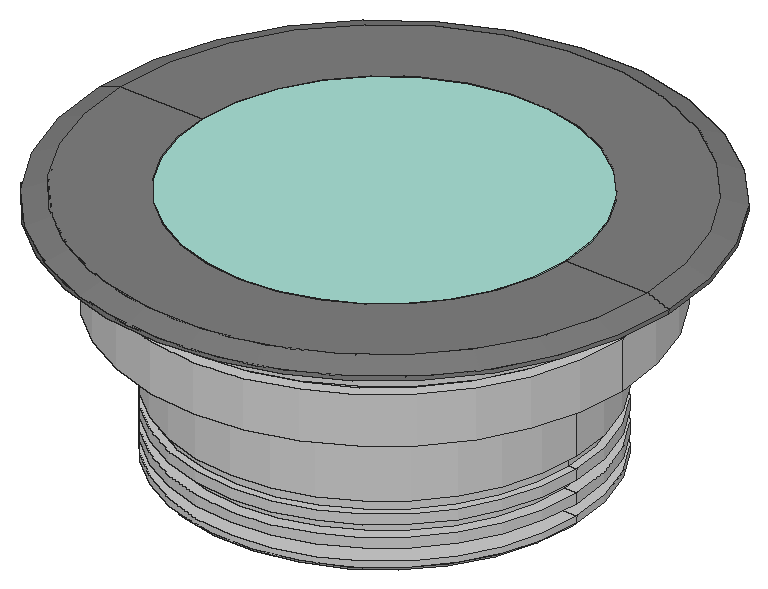
Revit family "Bright 5.F", category Lighting Fixtures, host Face, Revit 2017 (continued)
Types (16, lengths in mm): name | Wattage | Power | Photometric Web File | Optics | built-in parameter 1150142 | built-in parameter 1150105 | Lumens | built-in parameter 1150106 | Apparent Load Phase 1
    5 1151.50 \r\n1048.51 959.93 878.73 806.25 734.62 673.48 620.46 569.54 \r\n519.99 477.15 432.87 391.71 351.52 311.22 274.69 241.96 \r\n212.71 187.69 166.39 148.65 133.72 119.83 108.57 98.53 \r\n89.77 82.05 74.76 68.36 62.56 57.16 52.28 47.92 43.87 \r\n40.29 36.98 34.07 31.38 28.89 26.65 24.56 22.53 20.71 \r\n19.04 17.35 15.91 14.43 13.14 11.88 10.67 9.49 8.47 7.48 \r\n6.60 5.71 4.93 4.21 3.52 2.92 2.36 1.87 1.45 1.07 0.75 \r\n0.50 0.32 0.20 0.13 0.08 0.03 0.00 0.00 0.00 0.00 0.00 \r\n0.00 0.00 0.00 0.00 0.00 0.00 0.00 0.00 0.00 0.00 0.00 \r\n0.00 0.00 0.00 0.00 0.00 0.00 0.00 0.00 0.00 0.00 0.00 \r\n0.00 0.00 0.00 0.00 0.00 0.00 0.00 0.00 0.00 0.00 0.00 \r\n0.00 0.00 0.00 0.00 0.00 0.00 0.00 0.00 0.00 0.00 0.00 \r\n0.00 0.00 0.00 0.00 0.00 0.00 0.00 0.00 0.00 0.00 0.00 \r\n0.00 0.00 0.00 0.00 0.00 0.00 0.00 0.00 0.00 0.00 0.00 \r\n0.00 0.00 0.00 0.00 0.00 0.00 0.00 0.00 0.00 0.00 0.00 \r\n0.00 0.00 0.00 0.00 0.00 0.00 0.00 0.00 0.00 \r\n4408.84 4365.16 4265.19 4115.26 3898.68 3669.80 3419.53 \r\n3157.56 2888.05 2632.27 2385.62 2166.40 1925.27 1730.85 \r\n1551.99 1379.64 1229.02 1089.64 963.32 859.54 758.57 \r\n675.98 604.20 539.98 486.33 437.80 398.78 363.51 331.69 \r\n302.43 278.34 254.51 233.32 214.95 195.50 179.04 163.52 \r\n149.30 137.33 125.23 115.46 105.92 96.91 89.18 81.87 \r\n75.40 69.32 63.39 58.33 53.56 49.12 45.19 41.74 38.35 \r\n35.47 32.63 30.25 27.91 25.90 23.90 22.03 20.30 18.73 \r\n17.16 15.77 14.45 13.14 11.95 10.78 9.70 8.68 7.76 6.82 \r\n6.02 5.24 4.50 3.87 3.24 2.69 2.18 1.73 1.33 0.99 0.70 \r\n0.48 0.30 0.19 0.12 0.08 0.03 0.00 0.00 0.00 0.00 0.00 \r\n0.00 0.00 0.00 0.00 0.00 0.00 0.00 0.00 0.00 0.00 0.00 \r\n0.00 0.00 0.00 0.00 0.00 0.00 0.00 0.00 0.00 0.00 0.00 \r\n0.00 0.00 0.00 0.00 0.00 0.00 0.00 0.00 0.00 0.00 0.00 \r\n0.00 0.00 0.00 0.00 0.00 0.00 0.00 0.00 0.00 0.00 0.00 \r\n0.00 0.00 0.00 0.00 0.00 0.00 0.00 0.00 0.00 0.00 0.00 \r\n0.00 0.00 0.00 0.00 0.00 0.00 0.00 0.00 0.00 0.00 0.00 \r\n0.00 0.00 0.00 0.00 0.00 0.00 0.00 0.00 0.00 0.00 0.00 \r\n0.00 0.00 0.00 0.00 0.00 0.00 0.00 0.00 0.00 \r\n4408.84 4365.53 4242.92 4069.07 3821.67 3562.33 3247.69 \r\n2955.72 2642.30 2358.11 2077.51 1825.27 1577.26 1384.65 \r\n1195.05 1034.31 897.48 774.10 674.81 584.44 513.37 449.75 \r\n402.35 358.47 324.28 293.23 268.72 247.03 227.92 211.04 \r\n196.04 182.24 169.45 157.58 145.83 135.88 125.75 116.74 \r\n108.08 100.39 92.80 85.96 79.14 73.20 67.63 62.30 57.53 \r\n53.15 49.28 45.37 41.99 38.84 36.00 33.21 30.98 28.75 \r\n26.74 24.79 23.00 21.27 19.70 18.23 16.79 15.50 14.22 \r\n13.04 11.86 10.85 9.79 8.86 7.90 7.09 6.27 5.51 4.81 4.16 \r\n3.58 2.99 2.50 2.02 1.61 1.25 0.92 0.65 0.44 0.28 0.18 \r\n0.11 0.08 0.03 0.00 0.00 0.00 0.00 0.00 0.00 0.00 0.00 \r\n0.00 0.00 0.00 0.00 0.00 0.00 0.00 0.00 0.00 0.00 0.00 \r\n0.00 0.00 0.00 0.00 0.00 0.00 0.00 0.00 0.00 0.00 0.00 \r\n0.00 0.00 0.00 0.00 0.00 0.00 0.00 0.00 0.00 0.00 0.00 \r\n0.00 0.00 0.00 0.00 0.00 0.00 0.00 0.00 0.00 0.00 0.00 \r\n0.00 0.00 0.00 0.00 0.00 0.00 0.00 0.00 0.00 0.00 0.00 \r\n0.00 0.00 0.00 0.00 0.00 0.00 0.00 0.00 0.00 0.00 0.00 \r\n0.00 0.00 0.00 0.00 0.00 0.00 0.00 0.00 0.00 0.00 0.00 \r\n0.00 0.00 0.00 0.00 0.00 0.00 \r\n4408.84 4356.10 4219.91 4009.83 3734.45 3426.08 3087.95 \r\n2751.43 2398.69 2091.06 1793.14 1522.15 1289.39 1089.43 \r\n915.41 776.20 658.16 558.83 482.01 416.50 367.61 324.70 \r\n290.82 263.53 241.01 219.93 203.71 188.91 175.83 163.71 \r\n152.52 143.04 133.18 124.33 115.60 107.77 100.43 93.42 \r\n86.64 80.54 74.83 69.43 64.13 59.60 55.32 51.21 47.56 \r\n44.26 41.24 38.38 35.83 33.31 31.13 28.89 27.03 25.20 \r\n23.53 21.92 20.41 18.94 17.60 16.21 15.04 13.90 12.74 \r\n11.72 10.71 9.77 8.90 8.04 7.20 6.43 5.70 5.05 4.40 3.84 \r\n3.28 2.76 2.29 1.86 1.49 1.13 0.86 0.60 0.41 0.27 0.17 \r\n0.11 0.07 0.03 0.00 0.00 0.00 0.00 0.00 0.00 0.00 0.00 \r\n0.00 0.00 0.00 0.00 0.00 0.00 0.00 0.00 0.00 0.00 0.00 \r\n0.00 0.00 0.00 0.00 0.00 0.00 0.00 0.00 0.00 0.00 0.00 \r\n0.00 0.00 0.00 0.00 0.00 0.00 0.00 0.00 0.00 0.00 0.00 \r\n0.00 0.00 0.00 0.00 0.00 0.00 0.00 0.00 0.00 0.00 0.00 \r\n0.00 0.00 0.00 0.00 0.00 0.00 0.00 0.00 0.00 0.00 0.00 \r\n0.00 0.00 0.00 0.00 0.00 0.00 0.00 0.00 0.00 0.00 0.00 \r\n0.00 0.00 0.00 0.00 0.00 0.00 0.00 0.00 0.00 0.00 0.00 \r\n0.00 0.00 0.00 0.00 0.00 0.00 \r\n4408.84 4341.72 4189.29 3954.85 3635.12 3288.67 2911.93 \r\n2539.19 2180.96 1836.13 1537.36 1287.61 1032.12 862.63 \r\n717.36 594.08 500.64 424.85 364.47 321.01 284.60 254.50 \r\n231.20 210.77 193.74 178.58 165.33 154.23 143.02 133.17 \r\n124.52 115.45 107.80 100.59 93.41 87.08 80.82 75.18 69.83 \r\n64.95 60.83 56.57 52.67 49.22 45.85 42.94 40.21 37.62 \r\n35.25 33.02 30.91 28.95 27.15 25.38 23.79 22.21 20.77 \r\n19.41 18.09 16.87 15.67 14.54 13.46 12.43 11.42 10.53 \r\n9.65 8.82 8.02 7.25 6.53 5.88 5.22 4.63 4.05 3.50 3.01 \r\n2.55 2.12 1.71 1.37 1.05 0.79 0.56 0.39 0.26 0.16 0.11 \r\n0.07 0.03 0.00 0.00 0.00 0.00 0.00 0.00 0.00 0.00 0.00 \r\n0.00 0.00 0.00 0.00 0.00 0.00 0.00 0.00 0.00 0.00 0.00 \r\n0.00 0.00 0.00 0.00 0.00 0.00 0.00 0.00 0.00 0.00 0.00 \r\n0.00 0.00 0.00 0.00 0.00 0.00 0.00 0.00 0.00 0.00 0.00 \r\n0.00 0.00 0.00 0.00 0.00 0.00 0.00 0.00 0.00 0.00 0.00 \r\n0.00 0.00 0.00 0.00 0.00 0.00 0.00 0.00 0.00 0.00 0.00 \r\n0.00 0.00 0.00 0.00 0.00 0.00 0.00 0.00 0.00 0.00 0.00 \r\n0.00 0.00 0.00 0.00 0.00 0.00 0.00 0.00 0.00 0.00 0.00 \r\n0.00 0.00 0.00 0.00 0.00 \r\n4408.84 4341.85 4160.70 3892.27 3548.93 3165.44 2742.79 \r\n2351.21 1951.46 1624.03 1324.57 1061.32 859.75 689.50 \r\n566.96 471.63 397.91 338.54 296.54 261.55 234.74 212.03 \r\n193.28 177.10 163.44 149.81 139.00 128.71 119.18 110.29 \r\n102.15 95.06 87.94 81.86 75.97 70.81 65.78 61.35 57.34 \r\n53.70 50.25 47.17 44.23 41.53 39.04 36.72 34.45 32.46 \r\n30.49 28.63 26.96 25.29 23.78 22.31 20.91 19.60 18.38 \r\n17.15 16.08 14.96 13.96 12.90 11.98 11.12 10.22 9.43 8.67 \r\n7.93 7.24 6.54 5.90 5.32 4.72 4.19 3.67 3.20 2.75 2.33 \r\n1.93 1.58 1.24 0.97 0.74 0.53 0.37 0.25 0.16 0.10 0.07 \r\n0.03 0.00 0.00 0.00 0.00 0.00 0.00 0.00 0.00 0.00 0.00 \r\n0.00 0.00 0.00 0.00 0.00 0.00 0.00 0.00 0.00 0.00 0.00 \r\n0.00 0.00 0.00 0.00 0.00 0.00 0.00 0.00 0.00 0.00 0.00 \r\n0.00 0.00 0.00 0.00 0.00 0.00 0.00 0.00 0.00 0.00 0.00 \r\n0.00 0.00 0.00 0.00 0.00 0.00 0.00 0.00 0.00 0.00 0.00 \r\n0.00 0.00 0.00 0.00 0.00 0.00 0.00 0.00 0.00 0.00 0.00 \r\n0.00 0.00 0.00 0.00 0.00 0.00 0.00 0.00 0.00 0.00 0.00 \r\n0.00 0.00 0.00 0.00 0.00 0.00 0.00 0.00 0.00 0.00 0.00 \r\n0.00 0.00 0.00 0.00 \r\n4408.84 4326.97 4135.36 3834.72 3457.16 3042.91 2600.55 \r\n2179.08 1773.40 1433.91 1142.26 907.01 708.10 573.14 \r\n467.88 389.75 331.52 286.94 252.10 225.53 202.84 183.87 \r\n168.37 154.18 141.46 129.38 119.38 109.80 101.19 93.16 \r\n86.08 79.47 73.80 68.21 63.51 59.31 55.29 51.78 48.64 \r\n45.75 42.98 40.33 38.02 35.79 33.68 31.75 29.93 28.24 \r\n26.58 25.05 23.60 22.20 20.89 19.63 18.40 17.29 16.22 \r\n15.19 14.20 13.24 12.35 11.45 10.63 9.86 9.10 8.40 7.73 \r\n7.10 6.48 5.88 5.30 4.79 4.26 3.79 3.33 2.90 2.50 2.13 \r\n1.77 1.45 1.15 0.90 0.68 0.49 0.35 0.23 0.15 0.10 0.07 \r\n0.03 0.00 0.00 0.00 0.00 0.00 0.00 0.00 0.00 0.00 0.00 \r\n0.00 0.00 0.00 0.00 0.00 0.00 0.00 0.00 0.00 0.00 0.00 \r\n0.00 0.00 0.00 0.00 0.00 0.00 0.00 0.00 0.00 0.00 0.00 \r\n0.00 0.00 0.00 0.00 0.00 0.00 0.00 0.00 0.00 0.00 0.00 \r\n0.00 0.00 0.00 0.00 0.00 0.00 0.00 0.00 0.00 0.00 0.00 \r\n0.00 0.00 0.00 0.00 0.00 0.00 0.00 0.00 0.00 0.00 0.00 \r\n0.00 0.00 0.00 0.00 0.00 0.00 0.00 0.00 0.00 0.00 0.00 \r\n0.00 0.00 0.00 0.00 0.00 0.00 0.00 0.00 0.00 0.00 0.00 \r\n0.00 0.00 0.00 0.00 \r\n4408.84 4321.87 4109.05 3779.22 3369.11 2920.03 2461.24 \r\n2023.81 1618.24 1270.81 992.01 775.62 607.75 489.07 \r\n397.16 335.02 287.30 250.19 222.82 198.96 180.33 163.57 \r\n149.07 136.06 124.48 113.42 103.54 94.89 87.07 80.13 \r\n73.56 68.25 63.10 58.78 54.57 51.02 47.73 44.77 41.96 \r\n39.50 37.16 35.00 32.88 31.02 29.25 27.53 25.97 24.46 \r\n23.10 21.69 20.45 19.22 18.11 16.94 15.90 14.94 14.02 \r\n13.12 12.24 11.46 10.64 9.95 9.23 8.57 7.92 7.34 6.72 \r\n6.20 5.65 5.14 4.64 4.20 3.76 3.34 2.94 2.59 2.23 1.89 \r\n1.59 1.29 1.05 0.81 0.62 0.45 0.31 0.21 0.14 0.10 0.07 \r\n0.03 0.00 0.00 0.00 0.00 0.00 0.00 0.00 0.00 0.00 0.00 \r\n0.00 0.00 0.00 0.00 0.00 0.00 0.00 0.00 0.00 0.00 0.00 \r\n0.00 0.00 0.00 0.00 0.00 0.00 0.00 0.00 0.00 0.00 0.00 \r\n0.00 0.00 0.00 0.00 0.00 0.00 0.00 0.00 0.00 0.00 0.00 \r\n0.00 0.00 0.00 0.00 0.00 0.00 0.00 0.00 0.00 0.00 0.00 \r\n0.00 0.00 0.00 0.00 0.00 0.00 0.00 0.00 0.00 0.00 0.00 \r\n0.00 0.00 0.00 0.00 0.00 0.00 0.00 0.00 0.00 0.00 0.00 \r\n0.00 0.00 0.00 0.00 0.00 0.00 0.00 0.00 0.00 0.00 0.00 \r\n0.00 0.00 0.00 0.00 \r\n4408.84 4310.92 4075.98 3721.59 3282.67 2830.81 2330.32 \r\n1890.31 1479.34 1157.40 876.61 684.50 529.66 428.74 \r\n353.12 299.16 258.36 227.05 202.54 181.48 163.80 148.31 \r\n135.38 122.12 111.68 101.43 92.19 84.25 76.75 70.51 65.17 \r\n60.18 55.91 51.93 48.42 45.41 42.45 39.80 37.26 35.04 \r\n32.87 30.99 29.06 27.45 25.82 24.26 22.86 21.47 20.19 \r\n18.96 17.85 16.70 15.64 14.63 13.74 12.83 12.04 11.27 \r\n10.52 9.82 9.13 8.51 7.91 7.34 6.80 6.30 5.79 5.34 4.88 \r\n4.44 4.03 3.64 3.25 2.90 2.55 2.24 1.93 1.64 1.36 1.11 \r\n0.90 0.71 0.53 0.39 0.28 0.19 0.13 0.09 0.07 0.03 0.00 \r\n0.00 0.00 0.00 0.00 0.00 0.00 0.00 0.00 0.00 0.00 0.00 \r\n0.00 0.00 0.00 0.00 0.00 0.00 0.00 0.00 0.00 0.00 0.00 \r\n0.00 0.00 0.00 0.00 0.00 0.00 0.00 0.00 0.00 0.00 0.00 \r\n0.00 0.00 0.00 0.00 0.00 0.00 0.00 0.00 0.00 0.00 0.00 \r\n0.00 0.00 0.00 0.00 0.00 0.00 0.00 0.00 0.00 0.00 0.00 \r\n0.00 0.00 0.00 0.00 0.00 0.00 0.00 0.00 0.00 0.00 0.00 \r\n0.00 0.00 0.00 0.00 0.00 0.00 0.00 0.00 0.00 0.00 0.00 \r\n0.00 0.00 0.00 0.00 0.00 0.00 0.00 0.00 0.00 0.00 0.00 \r\n0.00 0.00 \r\n4408.84 4304.18 4056.51 3682.67 3223.18 2711.82 2231.85 \r\n1762.62 1368.27 1038.41 799.00 610.22 478.60 383.31 \r\n321.13 271.64 237.15 208.95 186.75 167.89 151.39 136.60 \r\n123.68 111.88 101.22 91.54 83.19 76.00 69.24 63.71 58.88 \r\n54.53 50.57 47.09 43.98 41.12 38.36 36.02 33.72 31.65 \r\n29.80 27.90 26.25 24.66 23.16 21.74 20.47 19.16 17.97 \r\n16.84 15.78 14.76 13.81 12.93 12.09 11.31 10.57 9.86 9.23 \r\n8.61 8.02 7.48 6.94 6.46 5.98 5.54 5.11 4.67 4.28 3.90 \r\n3.53 3.16 2.83 2.51 2.21 1.92 1.66 1.41 1.18 0.96 0.78 \r\n0.61 0.47 0.35 0.25 0.18 0.12 0.09 0.06 0.03 0.00 0.00 \r\n0.00 0.00 0.00 0.00 0.00 0.00 0.00 0.00 0.00 0.00 0.00 \r\n0.00 0.00 0.00 0.00 0.00 0.00 0.00 0.00 0.00 0.00 0.00 \r\n0.00 0.00 0.00 0.00 0.00 0.00 0.00 0.00 0.00 0.00 0.00 \r\n0.00 0.00 0.00 0.00 0.00 0.00 0.00 0.00 0.00 0.00 0.00 \r\n0.00 0.00 0.00 0.00 0.00 0.00 0.00 0.00 0.00 0.00 0.00 \r\n0.00 0.00 0.00 0.00 0.00 0.00 0.00 0.00 0.00 0.00 0.00 \r\n0.00 0.00 0.00 0.00 0.00 0.00 0.00 0.00 0.00 0.00 0.00 \r\n0.00 0.00 0.00 0.00 0.00 0.00 0.00 0.00 0.00 0.00 0.00 \r\n0.00 \r\n4408.84 4300.19 4027.57 3652.95 3143.58 2669.90 2141.57 \r\n1684.34 1293.91 976.80 733.81 570.92 436.99 355.59 297.42 \r\n254.12 223.27 196.75 176.59 158.18 141.89 127.50 115.42 \r\n103.66 94.00 84.64 76.92 70.31 64.04 58.88 54.59 50.39 \r\n46.76 43.61 40.57 38.15 35.47 33.40 31.27 29.36 27.61 \r\n25.89 24.30 22.84 21.38 20.07 18.87 17.60 16.55 15.47 \r\n14.51 13.55 12.67 11.82 11.07 10.29 9.65 9.03 8.42 7.88 \r\n7.33 6.82 6.36 5.90 5.45 5.03 4.61 4.24 3.85 3.49 3.13 \r\n2.81 2.51 2.21 1.94 1.69 1.46 1.24 1.04 0.86 0.70 0.55 \r\n0.43 0.32 0.24 0.17 0.12 0.09 0.06 0.03 0.00 0.00 0.00 \r\n0.00 0.00 0.00 0.00 0.00 0.00 0.00 0.00 0.00 0.00 0.00 \r\n0.00 0.00 0.00 0.00 0.00 0.00 0.00 0.00 0.00 0.00 0.00 \r\n0.00 0.00 0.00 0.00 0.00 0.00 0.00 0.00 0.00 0.00 0.00 \r\n0.00 0.00 0.00 0.00 0.00 0.00 0.00 0.00 0.00 0.00 0.00 \r\n0.00 0.00 0.00 0.00 0.00 0.00 0.00 0.00 0.00 0.00 0.00 \r\n0.00 0.00 0.00 0.00 0.00 0.00 0.00 0.00 0.00 0.00 0.00 \r\n0.00 0.00 0.00 0.00 0.00 0.00 0.00 0.00 0.00 0.00 0.00 \r\n0.00 0.00 0.00 0.00 0.00 0.00 0.00 0.00 0.00 0.00 0.00 \r\n4408.84 4299.33 4021.49 3608.66 3108.55 2593.05 2077.12 \r\n1622.81 1219.79 918.94 690.55 528.78 411.26 334.47 280.96 \r\n242.11 211.98 187.03 167.86 150.35 134.66 120.92 109.28 \r\n97.88 88.38 79.48 72.22 65.90 60.24 55.48 51.33 47.54 \r\n44.11 41.07 38.26 35.80 33.38 31.33 29.32 27.53 25.82 \r\n24.29 22.76 21.37 20.07 18.78 17.62 16.50 15.51 14.51 \r\n13.58 12.70 11.88 11.05 10.35 9.66 9.06 8.48 7.93 7.40 \r\n6.89 6.40 5.95 5.51 5.07 4.66 4.26 3.88 3.52 3.18 2.84 \r\n2.55 2.27 2.01 1.76 1.55 1.34 1.15 0.97 0.80 0.65 0.52 \r\n0.41 0.31 0.23 0.17 0.12 0.09 0.06 0.03 0.00 0.00 0.00 \r\n0.00 0.00 0.00 0.00 0.00 0.00 0.00 0.00 0.00 0.00 0.00 \r\n0.00 0.00 0.00 0.00 0.00 0.00 0.00 0.00 0.00 0.00 0.00 \r\n0.00 0.00 0.00 0.00 0.00 0.00 0.00 0.00 0.00 0.00 0.00 \r\n0.00 0.00 0.00 0.00 0.00 0.00 0.00 0.00 0.00 0.00 0.00 \r\n0.00 0.00 0.00 0.00 0.00 0.00 0.00 0.00 0.00 0.00 0.00 \r\n0.00 0.00 0.00 0.00 0.00 0.00 0.00 0.00 0.00 0.00 0.00 \r\n0.00 0.00 0.00 0.00 0.00 0.00 0.00 0.00 0.00 0.00 0.00 \r\n0.00 0.00 0.00 0.00 0.00 0.00 0.00 0.00 0.00 0.00 0.00 \r\n4408.84 4297.41 4012.49 3601.19 3072.69 2550.52 2017.42 \r\n1563.23 1191.91 888.93 661.29 507.47 392.83 322.24 272.52 \r\n233.90 205.46 181.53 162.06 145.44 130.12 116.44 104.92 \r\n94.07 84.83 75.95 69.36 63.30 57.97 53.24 49.19 45.63 \r\n42.34 39.30 36.66 34.28 32.04 30.01 28.12 26.38 24.73 \r\n23.21 21.78 20.42 19.13 17.93 16.80 15.79 14.78 13.84 \r\n12.90 12.08 11.33 10.55 9.88 9.26 8.66 8.10 7.59 7.07 \r\n6.60 6.09 5.66 5.22 4.78 4.39 4.00 3.63 3.28 2.95 2.65 \r\n2.39 2.12 1.89 1.67 1.47 1.28 1.09 0.93 0.78 0.63 0.51 \r\n0.41 0.31 0.23 0.17 0.12 0.09 0.06 0.03 0.00 0.00 0.00 \r\n0.00 0.00 0.00 0.00 0.00 0.00 0.00 0.00 0.00 0.00 0.00 \r\n0.00 0.00 0.00 0.00 0.00 0.00 0.00 0.00 0.00 0.00 0.00 \r\n0.00 0.00 0.00 0.00 0.00 0.00 0.00 0.00 0.00 0.00 0.00 \r\n0.00 0.00 0.00 0.00 0.00 0.00 0.00 0.00 0.00 0.00 0.00 \r\n0.00 0.00 0.00 0.00 0.00 0.00 0.00 0.00 0.00 0.00 0.00 \r\n0.00 0.00 0.00 0.00 0.00 0.00 0.00 0.00 0.00 0.00 0.00 \r\n0.00 0.00 0.00 0.00 0.00 0.00 0.00 0.00 0.00 0.00 0.00 \r\n0.00 0.00 0.00 0.00 0.00 0.00 0.00 0.00 0.00 0.00 0.00 \r\n4408.84 4296.66 4002.62 3584.57 3048.63 2518.06 1983.29 \r\n1545.47 1147.14 855.65 639.82 491.54 381.67 313.28 266.12 \r\n228.39 200.27 177.82 158.34 141.47 127.52 113.70 102.12 \r\n91.40 82.07 73.98 67.31 61.35 56.34 51.74 47.82 44.30 \r\n41.08 38.29 35.56 33.26 31.03 29.09 27.23 25.58 24.00 \r\n22.47 21.03 19.74 18.47 17.33 16.29 15.28 14.33 13.37 \r\n12.49 11.66 10.92 10.17 9.55 8.94 8.36 7.83 7.32 6.82 \r\n6.36 5.88 5.43 4.98 4.57 4.19 3.80 3.44 3.11 2.81 2.53 \r\n2.28 2.04 1.83 1.62 1.43 1.25 1.07 0.92 0.77 0.64 0.52 \r\n0.41 0.32 0.24 0.17 0.12 0.09 0.06 0.03 0.00 0.00 0.00 \r\n0.00 0.00 0.00 0.00 0.00 0.00 0.00 0.00 0.00 0.00 0.00 \r\n0.00 0.00 0.00 0.00 0.00 0.00 0.00 0.00 0.00 0.00 0.00 \r\n0.00 0.00 0.00 0.00 0.00 0.00 0.00 0.00 0.00 0.00 0.00 \r\n0.00 0.00 0.00 0.00 0.00 0.00 0.00 0.00 0.00 0.00 0.00 \r\n0.00 0.00 0.00 0.00 0.00 0.00 0.00 0.00 0.00 0.00 0.00 \r\n0.00 0.00 0.00 0.00 0.00 0.00 0.00 0.00 0.00 0.00 0.00 \r\n0.00 0.00 0.00 0.00 0.00 0.00 0.00 0.00 0.00 0.00 0.00 \r\n0.00 0.00 0.00 0.00 0.00 0.00 0.00 0.00 0.00 0.00 0.00 \r\n4408.84 4232.87 3897.98 3439.21 2894.88 2338.87 1852.53 \r\n1395.37 1034.28 778.00 575.39 452.10 361.02 292.43 252.11 \r\n218.23 193.39 171.62 152.53 136.65 122.45 108.95 98.24 \r\n87.68 79.16 71.66 64.97 59.22 54.44 50.22 46.55 43.15 \r\n40.02 37.35 34.65 32.47 30.33 28.38 26.54 24.94 23.28 \r\n21.89 20.51 19.21 17.98 16.87 15.89 14.80 13.92 13.02 \r\n12.13 11.36 10.63 9.90 9.30 8.66 8.14 7.60 7.11 6.61 6.14 \r\n5.66 5.23 4.80 4.37 3.99 3.60 3.27 2.96 2.68 2.41 2.18 \r\n1.94 1.73 1.53 1.34 1.17 1.01 0.87 0.72 0.60 0.48 0.37 \r\n0.28 0.21 0.14 0.10 0.08 0.05 0.01 0.00 0.00 0.00 0.00 \r\n0.00 0.00 0.00 0.00 0.00 0.00 0.00 0.00 0.00 0.00 0.00 \r\n0.00 0.00 0.00 0.00 0.00 0.00 0.00 0.00 0.00 0.00 0.00 \r\n0.00 0.00 0.00 0.00 0.00 0.00 0.00 0.00 0.00 0.00 0.00 \r\n0.00 0.00 0.00 0.00 0.00 0.00 0.00 0.00 0.00 0.00 0.00 \r\n0.00 0.00 0.00 0.00 0.00 0.00 0.00 0.00 0.00 0.00 0.00 \r\n0.00 0.00 0.00 0.00 0.00 0.00 0.00 0.00 0.00 0.00 0.00 \r\n0.00 0.00 0.00 0.00 0.00 0.00 0.00 0.00 0.00 0.00 0.00 \r\n0.00 0.00 0.00 0.00 0.00 0.00 0.00 0.00 0.00 0.00 \r\n" | 1546.8 (stored number, unit not read) | 1538 lm | 15.468 (stored number, unit not read) | 19 W
